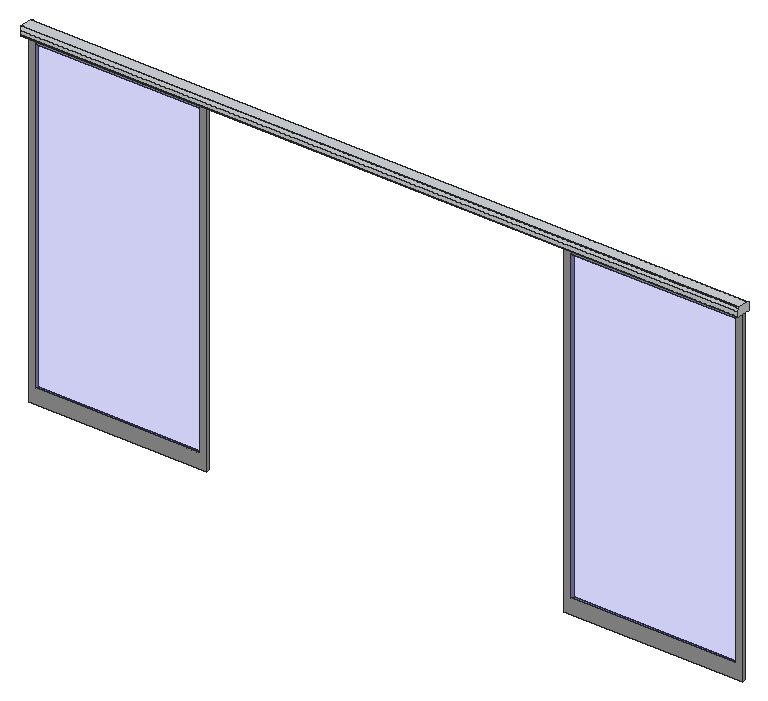
Revit family "DAS200 2AM", category Doors, host Wall, Revit 2019
Family settings
  Host = Wall
  OmniClass Number = 23.30.10.00
  OmniClass Title = Doors
  Always vertical = Yes
  Cut with Voids When Loaded = No
  Shared = No
  Room Calculation Point = No
Parameters
  Weight = 200.00 kg
  Velocity = 0.65 m/s
  Uniclass 2015 Name = "Automatic sliding door operator"
  Uniclass 2.0 Description = "Sliding Doorset Systems"
  Uniclass 2.0 Code = "SS_25-30-20-77"
  Uniclass 1.4 Description = "Doors"
  Uniclass 1.4 Code = "JL20"
  Unicalss 2015 Code = "Pr 73_30_23_05"
  UNSPSC Code = "301715"
  Operator position [instance] = Calc Operator Length / 2  # 2010 mm
  Open door [instance] = if(Open < 1 mm, 1 mm, (if(Open < Width / 2, Open, Width / 2)))  # 1000 mm
  Open [instance] = 2000 mm
  Max Width = 3240 mm  # constant formula
  Max Operator Length = 6600 mm  # constant formula
  Frame Width = Calc Width / 2  # 1000 mm
  Frame = Aluminum + Glass
  Region South America = "All"
  Region Oceania = "All"
  Region North America = "All"
  Region Middle East = "All"
  Region Europe = "All"
  Region Asia = "All"
  Region Antartica = "All"
  QR code = ""
  Protection rating = "IP20"
  Product group = "Sliding Automatic Doors"
  Product family = "Automatic Doors"
  Power supply = "110÷240 V @ 50/60 MHz"
  Operator = Aluminum
  Operating temperature = "-20 ° C / +50 ° C"
  OmniClass Description = "Doors"
  OmniClass Code = "23-17 11 00"
  NBS Reference Description = "Sliding Doorset Systems"
  NBS Reference Code = "25-30-20-77"
  Max nominal power = "75 W"
  Masterformat 2016 Description = "Operation and Maintenance of Sliding Glass Doors"
  Masterformat 2016 Code = "08 01 32"
  Manufacturer name = "Entrematic Italy"
  Manufacturer country = "China"
  Operator Length = 3400 mm
  Width = 2000 mm
  IFC Classification = "Door"
  Endurance test = "1000000 cyrcle"
  Edition number = "1"
  Drive type = "electromechanical unit"
  Dimensions = "120x185 mm"
  Design country = "Italy"
  Description = "automation for sliding doors"
  Calc Width = if(Width > 950 mm, Width, (if(Width < Max Width, Width, Max Width)))  # 2000 mm
  Calc Operator Length [instance] = if(Operator Length < 2 * Calc Width + 20 mm, 2 * Calc Width + 20 mm, (if(Operator Length < Max Operator Length, Operator Length, 5600 mm)))  # 4020 mm
  Brand url = "http://www.ditecentrematic.com/"
  Brand = "Ditec"
  BIMobject Category = "Sliding"
  Wall Closure = By host
  Auxiliary power = "0.64 A @ 24 Vdc"
  Height = 1850 mm
Reference planes
  plane 1: y = 0
  plane 2 "Centro (Sinistra/Destra)": x = 0
  plane 3 "Sinistra": x = -1000
  plane 4 "Destra": x = 1000
  plane 5: z = 1850
  plane 6 "Esterni": y = 75
  plane 7 "Interno": y = -75
  plane 8: x = 2640
  plane 9: x = -2640
  plane 10: y = -87
  plane 11: x = -1000
  plane 12: x = 2010
  plane 13: x = 1000
Lines and regions (mm)
  Opening 1
    outline origin (-3050, -75, 0) x (1, 0, 0) y (0, 0, 1)
      loop
        line (2050, 0) -> (4050, 0) -> (4050, 1850) -> (2050, 1850) -> (2050, 0)
Text (mm)
  text "Exterior" at (-2295.016, 1099.543, 0), in view "Livello rif."
  text "Exterior" at (0, 1615.38, 3698.081), in view "Sinistra"
  text "Exterior" at (0, 1036.032, 3874.932), in view "Destra"
Dimensions and locks
  equal spacing: plane 3 "Sinistra", plane 2 "Centro (Sinistra/Destra)", plane 4 "Destra"
  "Calc Width": plane 3 "Sinistra" to plane 4 "Destra"
  "Height": plane 5 to host wall
  host wall to plane 5 = 1850 mm  (x2)
  locked: plane 6 "Esterni" to host wall at 0
  locked: plane 7 "Interno" to host wall
  locked: plane 10 to plane 7 "Interno" at 12
  "Operator position": plane 12 to plane 2 "Centro (Sinistra/Destra)"
  "Open door": plane 11 to plane 2 "Centro (Sinistra/Destra)"
  "Open door": plane 13 to plane 2 "Centro (Sinistra/Destra)"
  aligned and locked: plane 3 "Sinistra" to Opening 1 sketch curve
  aligned and locked: plane 5 to Opening 1 sketch curve  (x2)
  aligned and locked: Opening 1 sketch curve to plane 4 "Destra"
  aligned and locked: Opening 1 sketch curve to level
  aligned and locked: plane 1 to host wall
  aligned and locked: plane 10 to nested 1
  aligned and locked: plane 5 to nested 2
  aligned and locked: nested 2 to plane 7 "Interno"
  aligned and locked: nested 1 to plane 11
  aligned and locked: plane 12 to nested 2
  aligned and locked: plane 13 to nested 3
  aligned and locked: nested 3 to plane 10
  aligned and locked: plane 7 "Interno" to nested 4
  aligned and locked: nested 4 to plane 12
  aligned and locked: plane 13 to nested 5
  aligned and locked: nested 5 to plane 5
  aligned and locked: nested 6 to plane 11
  aligned and locked: plane 10 to nested 6
  aligned and locked: nested 5 to plane 10
  aligned and locked: nested 7 to plane 7 "Interno"
  aligned and locked: plane 12 to nested 7
  aligned and locked: plane 5 to nested 7
Nested families
  nested 1: "Frame" at (-1683.022, -112, 0), Frame <- "Operator", Glass <- "Frame", Hight <- "Height", Length <- "Frame Width", type "Frame", detail levels medium+fine
    with Length 1000 mm, Hight 1850 mm, Glass Aluminum + Glass, Frame Aluminum
  nested 2: "Operator" at (0, -146.5, 1850), Operator Length <- "Calc Operator Length", Operator Material <- "Operator", type "Operator", detail levels coarse+medium
    with Operator Material Aluminum, Operator Length 4020 mm
  nested 3: "Frame" at (1683.022, -112, 0) x (-1, 0, 0) z (0, 0, 1), Frame <- "Operator", Glass <- "Frame", Hight <- "Height", Length <- "Frame Width", type "Frame", detail levels medium+fine
    with Length 1000 mm, Hight 1850 mm, Glass Aluminum + Glass, Frame Aluminum
  nested 4: "Family1" at (-1642.348, -140.409, 0), Operator <- "Calc Operator Length", type "Family1"
    with Operator 4020 mm
  nested 5: "Frame LOW" at (1316.978, -112, 0), Hight <- "Height", Length <- "Frame Width", type "Frame LOW", detail levels coarse
    with Length 1000 mm, Hight 1850 mm, Glass Glass, Frame none
  nested 6: "Frame LOW" at (-1683.022, -112, 0), Hight <- "Height", Length <- "Frame Width", type "Frame LOW", detail levels coarse
    with Length 1000 mm, Hight 1850 mm, Glass Glass, Frame none
  nested 7: "Operator DETTAGLIO" at (0, -146.5, 1850), Operator Length <- "Calc Operator Length", type "Operator DETTAGLIO", detail levels fine
    with Operator Material none, Operator Length 4020 mm
Connectors
  electrical at (0, -110.75, 1900)
    settings: on nested 2, index 1, voltage 100 V, apparent load 0 VA, apparent load phase1 0 VA, apparent load phase2 0 VA, apparent load phase3 0 VA, power factor 1, load classification "Altro", number of poles 1, system type 31, power factor state 1, is connector primary yes, connector utility no, sub classification motor no, connector description ""
Definition of nested family "Frame"
  Parameters (values of type "Frame")
    Glass [instance] = none
    Frame [instance] = none
    Length [instance] = 1000 mm
    Hight [instance] = 2000 mm
  Reference planes
    plane 1 "Centro (Fronte/Retro)": y = 0
    plane 2: z = 0
    plane 3 "Centro (Sinistra/Destra)": x = 0
    plane 4: x = 683.022
    plane 5: x = -316.978
    plane 6: x = -276.978
    plane 7: x = 643.022
    plane 8: z = 2000
    plane 9: y = 10
    plane 10: y = 25
    plane 11: z = 80
    plane 12: z = 1960
  Forms (mm)
    Extrusion 1, solid, material <- "Frame"
      sketch origin (0, 0, 0) x (1, 0, 0) y (0, 0, 1)
        loop
          line (683.022, 0) -> (683.022, 2000) -> (-316.978, 2000) -> (-316.978, 0) -> (683.022, 0)
        loop
          line (-276.978, 1960) -> (-276.978, 80) -> (643.022, 80) -> (643.022, 1960) -> (-276.978, 1960)
      from -25 to -10
    Extrusion 2, solid, material <- "Glass"
      sketch origin (0, 0, 0) x (1, 0, 0) y (0, 0, 1)
        loop
          line (643.022, 1960) -> (-276.978, 1960) -> (-276.978, 80) -> (643.022, 80) -> (643.022, 1960)
      from -25 to -10
  Lines and regions (mm)
    symbolic lines, detail levels medium+fine
      curve 1: line (683.022, 25, 0) -> (-316.978, 25, 0)
      curve 2: line (-316.978, 10, 0) -> (683.022, 10, 0)
      curve 3: line (-316.978, 25, 0) -> (-316.978, 10, 0)
      curve 4: line (-276.978, 25, 0) -> (-276.978, 10, 0)
      curve 5: line (643.022, 10, 0) -> (643.022, 25, 0)
      curve 6: line (683.022, 10, 0) -> (683.022, 25, 0)
    symbolic lines, detail levels fine
      curve 7: line (-276.978, 22.02, 0) -> (643.022, 22.02, 0)
      curve 8: line (643.022, 12.645, 0) -> (-276.978, 12.645, 0)
  Dimensions and locks
    locked: plane 7 to plane 4 at 40
    locked: plane 5 to plane 6 at 40
    plane 8 to plane 2 = 2000 mm
    plane 10 to plane 9 to plane 1 "Centro (Fronte/Retro)" = 15 mm, 10 mm
    locked: plane 12 to plane 8 at 40
    locked: plane 2 to plane 11 at 80
    "Length": plane 4 to plane 5
    "Hight": plane 8 to plane 2
    aligned and locked: level to plane 2
    aligned and locked: plane 4 to Extrusion 1 sketch curve
    aligned and locked: plane 2 to Extrusion 1 sketch curve
    aligned and locked: plane 5 to Extrusion 1 sketch curve
    aligned and locked: plane 8 to Extrusion 1 sketch curve
    aligned and locked: plane 12 to Extrusion 1 sketch curve
    aligned and locked: plane 7 to Extrusion 1 sketch curve
    aligned and locked: plane 11 to Extrusion 1 sketch curve
    aligned and locked: plane 6 to Extrusion 1 sketch curve
    aligned and locked: plane 10 to Extrusion 1
    aligned and locked: Extrusion 1 to plane 9
    aligned and locked: Extrusion 2 sketch curve to plane 12
    aligned and locked: Extrusion 2 sketch curve to plane 7
    aligned and locked: Extrusion 2 sketch curve to plane 6
    aligned and locked: Extrusion 2 sketch curve to plane 11
    aligned and locked: Extrusion 2 to plane 9
    aligned and locked: curve 1 to Extrusion 1
    aligned and locked: curve 2 to Extrusion 1
    aligned and locked: curve 3 to Extrusion 1
    aligned and locked: curve 4 to Extrusion 2
    aligned and locked: curve 5 to Extrusion 2
    aligned and locked: curve 6 to Extrusion 1
  Automatic sketch dimensions
    curve 1 to plane 5 = 0 mm
    curve 4 to plane 6 = 0 mm
    curve 8 to plane 7 = 0 mm
    curve 6 to plane 4 = 0 mm
    curve 4 to plane 9 = 0 mm
    curve 6 to plane 10 = 0 mm
    plane 9 to curve 8 = 2.645 mm
    curve 7 to curve 4 = 2.98 mm
Definition of nested family "Operator"
  Parameters (values of type "Operator")
    Operator Material [instance] = none
    Operator Length [instance] = 3000 mm
  Reference planes
    plane 1 "Centro (Fronte/Retro)": y = 0
    plane 2: z = 0
    plane 3 "Centro (Sinistra/Destra)": x = 0
    plane 4: y = 71.5
    plane 5: y = -71.5
    plane 6: x = -1500
    plane 7: x = 1500
    plane 8: z = 50
  Forms (mm)
    Extrusion 1, solid, material <- "Operator Material"
      sketch origin (0, 0, 0) x (1, 0, 0) y (0, 1, 0)
        loop
          line (-1500, 71.5) -> (-1500, 0) -> (1500, 0) -> (1500, 71.5) -> (-1500, 71.5)
      from 0 to 50
  Dimensions and locks
    equal spacing: plane 6, plane 3 "Centro (Sinistra/Destra)", plane 7
    plane 8 to plane 2 = 50 mm
    locked: plane 4 to plane 5 at 143
    "Operator Length": plane 6 to plane 7
    aligned and locked: level to plane 2
    aligned and locked: Extrusion 1 sketch curve to plane 4
    aligned and locked: Extrusion 1 sketch curve to plane 6
    aligned and locked: Extrusion 1 sketch curve to plane 7
    aligned and locked: plane 1 "Centro (Fronte/Retro)" to Extrusion 1
  Automatic sketch dimensions
    plane 5 to Extrusion 1 sketch curve = 71.5 mm
Definition of nested family "Frame LOW"
  Parameters (values of type "Frame LOW")
    Glass [instance] = none
    Frame [instance] = none
    Length [instance] = 1000 mm
    Hight [instance] = 2000 mm
  Reference planes
    plane 1 "Centro (Fronte/Retro)": y = 0
    plane 2: z = 0
    plane 3 "Centro (Sinistra/Destra)": x = 0
    plane 4: x = 683.022
    plane 5: x = -316.978
    plane 6: x = -276.978
    plane 7: x = 643.022
    plane 8: z = 2000
    plane 9: y = 10
    plane 10: y = 25
    plane 11: z = 80
    plane 12: z = 1960
  Forms (mm)
    Extrusion 1, solid, material <- "Glass"
      sketch origin (0, 0, 0) x (1, 0, 0) y (0, 0, 1)
        loop
          line (683.022, 2000) -> (-316.978, 2000) -> (-316.978, 0) -> (683.022, 0) -> (683.022, 2000)
      from -25 to -10
  Dimensions and locks
    locked: plane 7 to plane 4 at 40
    locked: plane 5 to plane 6 at 40
    plane 8 to plane 2 = 2000 mm
    locked: plane 12 to plane 8 at 40
    locked: plane 2 to plane 11 at 80
    "Length": plane 4 to plane 5
    "Hight": plane 8 to plane 2
    plane 10 to plane 9 = 15 mm
    aligned and locked: level to plane 2
    aligned and locked: Extrusion 1 to plane 9
    aligned and locked: Extrusion 1 sketch curve to plane 5
    aligned and locked: plane 8 to Extrusion 1 sketch curve
    aligned and locked: Extrusion 1 sketch curve to plane 4
    aligned and locked: plane 2 to Extrusion 1 sketch curve
Definition of nested family "Operator DETTAGLIO"
  Parameters (values of type "Operator DETTAGLIO")
    Operator Material [instance] = none
    Operator Length [instance] = 2000 mm
  Reference planes
    plane 1 "Centro (Fronte/Retro)": y = 0
    plane 2: z = 0
    plane 3 "Centro (Sinistra/Destra)": x = 0
    plane 4: y = 71.5
    plane 5: y = -71.5
    plane 6: x = -1000
    plane 7: x = 1000
    plane 8: z = 120
    plane 9: x = -280
    plane 10: x = 280
    plane 11: y = 68.044
    plane 12: x = -963.344
  Forms (mm)
    Extrusion 1, solid, material <- "Operator Material"
      sketch origin (0, 0, 0) x (0, 1, 0) y (0, 0, 1)
        loop
          line (70.713, 47.638) -> (5.899, 47.638)
          arc (5.899, 47.638) -> (5.436, 47.487) -> (5.15, 47.094) r 0.787
          line (5.15, 47.094) -> (-0.941, 28.346) -> (-0.941, 3.813) -> (0.043, 2.201) -> (0.043, 0.824) -> (5.873, 0) -> (70.713, 0)
          arc (70.713, 0) -> (71.269, 0.231) -> (71.5, 0.787) r 0.787
          line (71.5, 0.787) -> (71.5, 46.85)
          arc (71.5, 46.85) -> (71.269, 47.407) -> (70.713, 47.638) r 0.787
      from -1000 to 1000
  Dimensions and locks
    equal spacing: plane 6, plane 3 "Centro (Sinistra/Destra)", plane 7
    equal spacing: plane 4, plane 1 "Centro (Fronte/Retro)", plane 5
    plane 8 to plane 2 = 120 mm
    locked: plane 4 to plane 5 at 143
    "Operator Length": plane 6 to plane 7
    locked: plane 9 to plane 3 "Centro (Sinistra/Destra)" at 280
    locked: plane 3 "Centro (Sinistra/Destra)" to plane 10 at 280
    locked: plane 11 to plane 4 at 3.456
    aligned and locked: level to plane 2
    aligned and locked: Extrusion 1 to plane 6
    aligned and locked: plane 7 to Extrusion 1
  Automatic sketch dimensions
    Extrusion 1 sketch curve to level = 0 mm
    Extrusion 1 sketch curve to plane 4 = 0 mm
    Extrusion 1 sketch curve to plane 4 = 0.787 mm
    Extrusion 1 sketch curve to Extrusion 1 sketch curve = 0.787 mm
    Extrusion 1 sketch curve to plane 1 "Centro (Fronte/Retro)" = 5.899 mm
    Extrusion 1 sketch curve to plane 1 "Centro (Fronte/Retro)" = 5.873 mm
    Extrusion 1 sketch curve to Extrusion 1 sketch curve = 0.749 mm
    Extrusion 1 sketch curve to plane 1 "Centro (Fronte/Retro)" = 0.043 mm
    plane 1 "Centro (Fronte/Retro)" to Extrusion 1 sketch curve = 0.941 mm
    level to Extrusion 1 sketch curve = 0.824 mm
    Extrusion 1 sketch curve to Extrusion 1 sketch curve = 1.377 mm
    Extrusion 1 sketch curve to Extrusion 1 sketch curve = 1.613 mm
    Extrusion 1 sketch curve to Extrusion 1 sketch curve = 24.533 mm
    Extrusion 1 sketch curve to Extrusion 1 sketch curve = 18.504 mm
    Extrusion 1 sketch curve to Extrusion 1 sketch curve = 46.063 mm
Definition of nested family "Family1"
  Parameters (values of type "Family1")
    Operator [instance] = 722.652 mm
  Reference planes
    plane 1 "Center (Front/Back)": y = 0
    plane 2: z = 0
    plane 3 "Center (Left/Right)": x = 0
    plane 4: x = -367.652
    plane 5: x = 355
    plane 6: y = 65.409
    plane 7: y = -6.591
    plane 8: y = -35.362
  Lines and regions (mm)
    detail lines, in view "Ref. Level"
      curve 1: line (-367.652, 65.409, 0) -> (355, 65.409, 0)
      curve 2: line (-367.652, -6.591, 0) -> (355, -6.591, 0)
      curve 3: line (-367.652, 65.409, 0) -> (-367.652, -6.591, 0)
      curve 4: line (355, 65.409, 0) -> (355, -6.591, 0)
  Dimensions and locks
    "Operator": plane 4 to plane 5
  Automatic sketch dimensions
    curve 2 to plane 7 = 0 mm
    curve 1 to plane 6 = 0 mm
    curve 1 to plane 4 = 0 mm
    plane 5 to curve 2 = 0 mm
